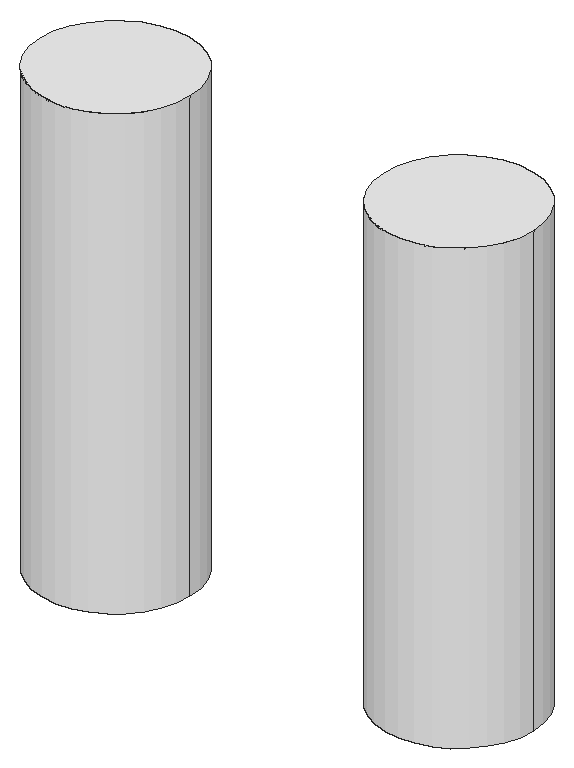
Revit family "45222185(2022)", category Plumbing Fixtures, Revit 2020
Family settings
  Round Connector Dimension = Use Diameter
  Part Type = Normal
  OmniClass Number = 23.45.55.00
  OmniClass Title = Sanitary Faucets, Wastes
  Work Plane-Based = No
  Always vertical = Yes
  Cut with Voids When Loaded = No
  Shared = No
  Room Calculation Point = No
Parameters (values of type "45222185 Washbasin faucet ")
  Working Pressure = "50 - 1000 kPa"
  WarrantyStartDate [instance] = "n/a"
  WarrantyGuarantorParts = "n/a"
  WarrantyGuarantorLabor = "n/a"
  WarrantyDurationUnit = "Year"
  WarrantyDurationParts = "n/a"
  WarrantyDurationLabor = "n/a"
  WarrantyDescription = "http://warranty.hansa.com"
  Warranty Information URL = "http://warranty.hansa.com"
  VersionDate = "01/06/2023"
  Version = "1"
  ValvePattern = "n/a"
  ValveOperation = "n/a"
  ValveMechanism = "n/a"
  Uniclass2015Reference = "Pr_40_20_87_96"
  Uniclass2015Description = "Washbasin manual water supply sets"
  Uniclass2 = "Pr_40_30_96_96"
  URL UWL = "http://static.hansa.com/UWL/45222185"
  URL REACH = "http://static.hansa.com/doc/reach"
  URL Materials Declaration = "http://www.hansa.com/fileadmin/resources/182126_45222185_materialsdeclaration.pdf"
  URL Environmental Product Declaration EPD = "http://www.hansa.com/fileadmin/resources/184523_EPD_Washbasin faucet.pdf"
  URL EcoLabel Declaration = "http://static.hansa.com/doc/EcoLabel"
  URL EU Packaging Declaration = "http://static.hansa.com/doc/packaging"
  URL Declaration of SCIP = "http://static.hansa.com/doc/SCIP"
  URL Declaration of Conformity = "http://static.hansa.com/DoC/45222185"
  URL Declaration of Asbestos = "http://static.hansa.com/doc/asbestos"
  URL Declaration Of Performance (DOP) = "http://static.hansa.com/doc/DoP"
  URL DVGW = "http://static.hansa.com/DVGW/45222185"
  URL ABP = "http://static.hansa.com/ABP/45222185"
  URL = ""
  UNSPSC Class Number = "30181700 Faucets or taps"
  TestPressure = "n/a"
  Temperature Adjustments = "Limitation option for maximum temperature and flow-rate ;Adjustable hot water stop (included, retrofittable)"
  Temperature = "Temperature limiter"
  Technical DataSheet URL = "http://www.hansa.com/datasheet/45222185/en"
  TagNumber [instance] = "n/a"
  SustainabilityPerformance = "n/a"
  Surface treatment = "Chrome"
  Spout Type = "Fixed spout"
  Spout Projection = "150 mm"
  Spare-Part Information URL = "http://static.hansa.com/sp/45222185"
  Size = "210 x 50 x 170 mm"
  Shape = "Sculptured"
  SerialNumber [instance] = "n/a"
  Sales Package dimensions (LxWxH) = "606 x 224 x 88"
  Revision = "n/a"
  ReplacementCost = "n/a"
  ProductInformation = "n/a"
  Product URL = "http://static.hansa.com/45222185"
  Product Image URL = "http://static.hansa.com/image/45222185"
  Product Family = "HANSACLINICA "
  Product Code = "45222185"
  Pressure Loss With Flow 01ls = 70000.0 Pa
  OperatingMechanismMaterial = "n/a"
  NominalWidth = 50 mm
  NominalHeight = 171.4 mm
  NominalDepth = 208.5 mm
  Noise Class = "I (ISO 3822)"
  Name_en = "45222185 Washbasin faucet"
  Name = "45222185 Washbasin faucet"
  NBSReference = "45-35-70/371"
  NBSDescription = "Water supply fittings for wash basins and troughs"
  Mounting Holes = "1 hole"
  ModelReference = "45222185"
  ModelNumber = "n/a"
  Model = "45222185 Washbasin faucet"
  Mobile Product Information URL = "http://mpi.hansa.com/45222185"
  Mechanical Parts = "ø 40 mm ceramic cartridge for flow and temperature control"
  Max. Hot Water Supply = 80 °C
  Material = "Brass"
  Market = "International;Germany;Austria;Belgium;Netherlands;France;Czech Republic;Slovakia;Italy;Spain"
  ManufacturerURL = "http://www.hansa.com"
  ManufacturerName = "HANSA"
  Manufacturer = "HANSA"
  Long Marketing = "HANSACLINICA washbasin faucet. Firm longer loop-lever (180 mm) offers good usability to all users and situations. Fixed longer spout (150 mm) with nickel-free water channels and laminar water flow. In-built limitation options for water temperature and maximum flow-rate. Connection pipes Cu ø10 mm. With push pop-up waste without draw-rod."
  Lever Handle = "Single operating lever/handle;Loop shape;Long shape;Hot/Cold symbols"
  Keynote = ""
  Interactive AR View URL = "https://static.hansa.com/AR/45222185"
  InstallationDate [instance] = "n/a"
  Installation and Maintenance Guide URL = "http://static.hansa.com/manual/45222185"
  Installation Type = "Deck mounted"
  InletConnectionSize = 10 mm
  IfcExportType = "FAUCET"  # constant formula
  IfcExportAs = "IfcValveType"  # constant formula
  Group = "Washbasin faucet"
  Grade = "n/a"
  FlowCoefficient = 0
  Flow Rate At 300kPa = 0.2 L/s
  Flow Drawing URL = "http://static.hansa.com/flowchart/45222185"
  Finish = "Polished"
  Features = "Single-lever"
  FaucetMainMaterial = Brass
  FDV Document URL = "http://www.hansa.com/datasheet/45222185/en/fdv"
  Extensions = "Push pop-up waste without draw-rod"
  ExpectedLife = "n/a"
  ETIM Class Number = "EC011328 Washbasin mixing tap"
  EN Standard = "EN 817"
  EAN Number = "4057304018893"
  DurationUnit = "Year"
  Dimension Drawing URL = "http://static.hansa.com/dimdrw/45222185"
  Description = ""
  DefaultElevation [instance] = 900 mm
  Default Elevation = 0 mm
  Constituents = "n/a"
  Connection Size = "Ø10mm"
  Connection = "Copper inlet pipes"
  Color = "Chrome"
  CodePerformance = "n/a"
  CloseOffRating = 0
  Category = "Washbasin"
  Catalog Drawing URL = "http://static.hansa.com/catdrw/45222185"
  CO2 Emissions (D) = -8.55
  CO2 Emissions (C4) = 0.09
  CO2 Emissions (C3) = 0.02
  CO2 Emissions (C2) = 0.02
  CO2 Emissions (B7) = 3856.32
  CO2 Emissions (A4) = 0.33
  CO2 Emissions (A1-A3) = 12.03
  Brand = "HANSA"
  BodyMaterial = "Brass"
  Barcode [instance] = "n/a"
  Backflow Prevention EN1717 = "AA"
  BIMObjectName = "45222185(2022)"
  Author = "BIMStone"
  AssetType = "Fixed"
  AssetIdentifier [instance] = "n/a"
  Approval DVGW = "DW-6506DL0556"
  Approval ABP = "P-IX 29684/IA"
  Aerator = "Laminar stream"
  Advanced Features = "Inner body made of DZR brass;Waterways without nickel coating;3S-installation system for safe and simple mounting"
  AccessibilityPerformance = "n/a"
  3D View = "https://static.hansa.com/AR/45222185"
  2D/3D/BIM Files URL = "http://static.hansa.com/bim/45222185"
Reference planes
  plane 1 "Center (Front/Back)": y = 0
  plane 2: z = 0
  plane 3 "Center (Left/Right)": x = 0
  plane 4: x = -25
  plane 5: z = 900
  plane 6: z = 870
  plane 7: y = -208.5
  plane 8: x = 25
  plane 9: z = 1071.4
Forms (mm)
  Extrusion 1, solid, material "Brass" <- "FaucetMainMaterial"
    sketch origin (0, -4.192, 0) x (1, 0, 0) y (0, 1, 0)
      loop
        circle (-11.5, -22.5) r 5
      loop
        circle (11.5, -22.5) r 5
    from 870 to 900
Dimensions and locks
  "DefaultElevation": plane 5 to level
  locked: plane 5 to plane 6 at 30
  "NominalDepth": plane 7 to plane 1 "Center (Front/Back)"
  equal spacing: plane 4, plane 3 "Center (Left/Right)", plane 8
  "NominalHeight": plane 9 to plane 5
  "NominalWidth": plane 4 to plane 8
  "InletConnectionSize": diameter of Extrusion 1 sketch curve  (x2)
  aligned and locked: level to plane 2
  aligned and locked: plane 5 to Extrusion 1
  aligned and locked: Extrusion 1 to plane 6
  aligned and locked: nested 2 to plane 5
Automatic sketch dimensions
  Extrusion 1 sketch curve to plane 3 "Center (Left/Right)" = 11.5 mm
  plane 3 "Center (Left/Right)" to Extrusion 1 sketch curve = 11.5 mm
  plane 1 "Center (Front/Back)" to Extrusion 1 sketch curve = 26.692 mm  (x2)
Nested families
  nested 1: "Symbol" at (0, 0, 0), type "Symbol", detail levels coarse
  nested 2: "5611B_p" at (0, 0, 900), Material <- "FaucetMainMaterial", type "5611B_p"
    with Material Brass
Connectors
  piping at (-11.5, -26.692, 870), diameter 10, driven by "InletConnectionSize"
    settings: on Extrusion 1, index 1, connector inside diameter 609.6 mm, connector length 0 mm, flow factor 0, pipe flow 0.19 L/s, pressure drop 0.0 Pa, fitting loss kfactor 0, connector angle 0.00°, fixture units 0, engagement length 0 mm, angle of deflection 0.00°, flow configuration 1, flow direction 1, fitting loss method 0, system type 19, joint type 0, gender type 0, connector reference index -1, connector utility 0, adjustable connector no, is connector primary yes, connector description ""
  piping at (11.5, -26.692, 870), diameter 10, driven by "InletConnectionSize"
    settings: on Extrusion 1, index 2, connector inside diameter 609.6 mm, connector length 0 mm, flow factor 0, pipe flow 0.19 L/s, pressure drop 0.0 Pa, fitting loss kfactor 0, connector angle 0.00°, fixture units 0, engagement length 0 mm, angle of deflection 0.00°, flow configuration 1, flow direction 1, fitting loss method 0, system type 20, joint type 0, gender type 0, connector reference index -1, connector utility 0, adjustable connector no, is connector primary no, connector description ""
Definition of nested family "Symbol"
  Reference planes
    plane 1: y = 0
    plane 2: x = 0
  Lines and regions (mm)
    detail lines
      curve 1: line (0, 0, 0) -> (0, -1.8, 0)
      curve 2: line (-0.4, -1.1, 0) -> (0.4, -1.1, 0)
      curve 3: line (-0.4, -1.4, 0) -> (0.4, -1.4, 0)
      curve 4: line (0.863, 0, 0) -> (-0.863, 0, 0)
      curve 5: circle (-1.163, 0, 0) r 0.3 normal (0, 0, -1)
      curve 6: circle (1.163, 0, 0) r 0.3 normal (0, 0, 1)
Definition of nested family "5611B_p"
  Parameters (values of type "5611B_p")
    URL = ""
    Model = ""
    Material [instance] = none
    Manufacturer = ""
    Description = ""
    Default Elevation = 0 mm
  Reference planes
    plane 1 "Center (Front/Back)": y = 0
    plane 2: z = 0
    plane 3 "Center (Left/Right)": x = 0
    plane 4: x = -24.99
    plane 5: x = 24.987
    plane 6: z = 171.441
    plane 7: y = -208.547
  Forms (mm)
    Sweep 1, solid, material <- "Material", detail levels medium
      path origin (0, 0.008, -0.467) x (0, 0.999848, -0.017452) y (0, 0.017452, 0.999848)
        loop
          line (-23.874, -3.889) -> (-30.775, 127.795)
      profile origin (0, -26.23, 61.953) x (0, -0.999391, -0.034899) y (1, 0, 0)
        loop
          circle (0, 0) r 24
    Extrusion 2, void
      sketch origin (0, 0, 0) x (0, 1, 0) y (0, 0, 1)
        loop
          line (-52.612, 0) -> (-52.612, -8.17) -> (7.388, -8.17) -> (7.388, 0) -> (-52.612, 0)
      from -24.99 to 24.987
    Extrusion 3, void
      sketch origin (0, 0, 0) x (0, 1, 0) y (0, 0, 1)
        loop
          line (-55.138, 119.81) -> (-3.383, 119.81) -> (-3.383, 131.351) -> (-55.138, 131.351) -> (-55.138, 119.81)
      from -28.935 to 31.792
    Extrusion 4, solid, material <- "Material", detail levels medium
      sketch origin (0, 0, 0) x (0, 1, 0) y (0, 0, 1)
        loop
          line (-39.028, 119.839) -> (-151.945, 115.896) -> (-148.063, 101.407) -> (-123.703, 95.783) -> (-39.028, 95.783) -> (-39.028, 119.839)
      from -21.839 to 21.266
    Extrusion 5, solid, material <- "Material", detail levels medium
      sketch origin (0, -48.735, -45.949) x (1, 0, 0) y (0, 0.920505, -0.390731)
        loop
          circle (0, -137.133) r 12
      from 92.44 to 102.206
    Revolve 6, solid, material <- "Material", detail levels medium
      sketch origin (0, 0, 0) x (0, 1, 0) y (0, 0, 1)
        loop
          line (-6.543, 119.81) -> (-6.543, 125.12)
          arc (-6.543, 125.12) -> (-6.672, 125.984) -> (-7.046, 126.773) r 2.968
          arc (-7.046, 126.773) -> (-8.029, 128.121) -> (-9.116, 129.387) r 21.107
          line (-9.116, 129.387) -> (-4.234, 129.387) -> (-4.234, 159.038) -> (-27.134, 159.038) -> (-27.134, 119.81) -> (-6.543, 119.81)
        axis (-27.134, 159.038) -> (-27.134, 119.81)
      angle from 0 to 360
    Extrusion 7, solid, material <- "Material", detail levels medium
      sketch origin (0, 0, 0) x (0, 1, 0) y (0, 0, 1)
        loop
          line (-27.077, 159.038) -> (-170.328, 159.038)
          arc (-170.328, 159.038) -> (-187.789, 161.887) -> (-203.44, 170.138) r 54.936
          arc (-203.44, 170.138) -> (-208.033, 169.617) -> (-207.748, 165.003) r 3.356
          arc (-207.748, 165.003) -> (-190.433, 154.099) -> (-170.328, 150.288) r 54.936
          line (-170.328, 150.288) -> (-27.077, 150.288) -> (-27.077, 159.038)
      from -22.835 to 22.852
    Extrusion 8, void
      sketch origin (0, 0, 0) x (1, 0, 0) y (0, 1, 0)
        loop
          line (-18.2, -76.322) -> (-14.114, -193.323)
          arc (-14.114, -193.323) -> (-11.067, -200.167) -> (-4.12, -202.974) r 10
          line (-4.12, -202.974) -> (4.12, -202.974)
          arc (4.12, -202.974) -> (11.067, -200.167) -> (14.114, -193.323) r 10
          line (14.114, -193.323) -> (18.2, -76.322)
          arc (18.2, -76.322) -> (15.399, -69.026) -> (8.206, -65.973) r 10
          line (8.206, -65.973) -> (-8.206, -65.973)
          arc (-8.206, -65.973) -> (-15.399, -69.026) -> (-18.2, -76.322) r 10
      from 140.93 to 174.249
    Extrusion 9, solid, material <- "Material", detail levels coarse
      sketch origin (0, 0, 0) x (1, 0, 0) y (0, 1, 0)
        loop
          line (-24.99, 0) -> (-24.99, -208.547) -> (24.987, -208.547) -> (24.987, 0) -> (-24.99, 0)
      from 0 to 171.441
  Cuts and joins
    Extrusion 2, Extrusion 3 cuts Sweep 1
    Extrusion 8 cuts Extrusion 7
  Lines and regions (mm)
    symbolic lines, detail levels medium+fine
      curve 1: arc (-24.99, -24.091, 0) -> (-17.356, -7.004, 0) -> (0, 0, 0) r 25.007
      curve 2: arc (-23.562, -36.604, 0) -> (-24.747, -30.401, 0) -> (-24.99, -24.091, 0) r 42.068
      curve 3: line (-23.562, -36.604, 0) -> (-20.358, -180.725, 0)
      curve 4: arc (-20.358, -180.725, 0) -> (-20.043, -188.6, 0) -> (-19.449, -196.457, 0) r 222.194
      curve 5: arc (-19.449, -196.457, 0) -> (-17.217, -202.438, 0) -> (-12.277, -206.48, 0) r 12.232
      curve 6: arc (-12.277, -206.48, 0) -> (-9.27, -207.552, 0) -> (-6.133, -208.137, 0) r 20.193
      curve 7: arc (-6.133, -208.137, 0) -> (-3.07, -208.401, 0) -> (0, -208.547, 0) r 79.799
      curve 21: arc (24.99, -24.091, 0) -> (17.356, -7.004, 0) -> (0, 0, 0) r 25.007
      curve 22: arc (23.562, -36.604, 0) -> (24.747, -30.401, 0) -> (24.99, -24.091, 0) r 42.068
      curve 23: line (23.562, -36.604, 0) -> (20.358, -180.725, 0)
      curve 24: arc (20.358, -180.725, 0) -> (20.043, -188.6, 0) -> (19.449, -196.457, 0) r 222.194
      curve 25: arc (19.449, -196.457, 0) -> (17.217, -202.438, 0) -> (12.277, -206.48, 0) r 12.232
      curve 26: arc (12.277, -206.48, 0) -> (9.27, -207.552, 0) -> (6.133, -208.137, 0) r 20.193
      curve 27: arc (6.133, -208.137, 0) -> (3.07, -208.401, 0) -> (0, -208.547, 0) r 79.799
      curve 41: arc (-11.107, 0, 170.284) -> (-5.584, 0, 171.151) -> (0, 0, 171.441) r 53.887
      curve 42: arc (-16.567, 0, 167.783) -> (-13.977, 0, 169.337) -> (-11.107, 0, 170.284) r 13.643
      curve 43: arc (-19.019, 0, 164.902) -> (-17.948, 0, 166.474) -> (-16.567, 0, 167.783) r 8.894
      curve 44: arc (-19.472, 0, 163.401) -> (-19.32, 0, 164.174) -> (-19.019, 0, 164.902) r 3.999
      curve 45: line (-19.472, 0, 163.401) -> (-20.218, 0, 158.093)
      curve 46: line (-20.218, 0, 158.093) -> (-21.039, 0, 158.007)
      curve 47: arc (-21.039, 0, 158.007) -> (-21.689, 0, 157.915) -> (-22.331, 0, 157.775) r 9.035
      curve 48: arc (-22.331, 0, 157.775) -> (-23.28, 0, 157.123) -> (-23.579, 0, 156.011) r 1.668
      curve 49: arc (-23.579, 0, 156.011) -> (-23.535, 0, 154.677) -> (-23.639, 0, 153.347) r 11.929
      curve 50: arc (-23.639, 0, 153.347) -> (-23.683, 0, 152.874) -> (-23.685, 0, 152.398) r 5.489
      curve 51: arc (-23.685, 0, 152.398) -> (-23.672, 0, 149.331) -> (-23.874, 0, 146.271) r 43.963
      curve 52: line (-23.874, 0, 146.271) -> (-24.99, 0, 125.79)
      curve 53: arc (-24.99, 0, 125.79) -> (-24.903, 0, 124.896) -> (-24.552, 0, 124.069) r 2.97
      curve 54: arc (-24.552, 0, 124.069) -> (-24.078, 0, 123.608) -> (-23.444, 0, 123.424) r 1.359
      curve 55: line (-23.444, 0, 123.424) -> (-21.682, 0, 123.27)
      curve 56: line (-21.682, 0, 123.27) -> (-21.792, 0, 120.112)
      curve 57: line (-24.07, 0, 118.485) -> (-24.07, 0, 0)
      curve 58: line (-24.07, 0, 0) -> (0, 0, 0)
      curve 59: arc (-23.107, 0, 119.782) -> (-23.803, 0, 119.293) -> (-24.07, 0, 118.485) r 1.354
      curve 60: arc (-21.792, 0, 120.112) -> (-22.454, 0, 119.962) -> (-23.107, 0, 119.782) r 14.583
      curve 87: arc (11.107, 0, 170.284) -> (5.584, 0, 171.151) -> (0, 0, 171.441) r 53.887
      curve 88: arc (16.567, 0, 167.783) -> (13.977, 0, 169.337) -> (11.107, 0, 170.284) r 13.643
      curve 89: arc (19.019, 0, 164.902) -> (17.948, 0, 166.474) -> (16.567, 0, 167.783) r 8.894
      curve 90: arc (19.472, 0, 163.401) -> (19.32, 0, 164.174) -> (19.019, 0, 164.902) r 3.999
      curve 91: line (19.472, 0, 163.401) -> (20.218, 0, 158.093)
      curve 92: line (20.218, 0, 158.093) -> (21.039, 0, 158.007)
      curve 93: arc (21.039, 0, 158.007) -> (21.689, 0, 157.915) -> (22.331, 0, 157.775) r 9.035
      curve 94: arc (22.331, 0, 157.775) -> (23.28, 0, 157.123) -> (23.579, 0, 156.011) r 1.668
      curve 95: arc (23.579, 0, 156.011) -> (23.535, 0, 154.677) -> (23.639, 0, 153.347) r 11.929
      curve 96: arc (23.639, 0, 153.347) -> (23.683, 0, 152.874) -> (23.685, 0, 152.398) r 5.489
      curve 97: arc (23.685, 0, 152.398) -> (23.672, 0, 149.331) -> (23.874, 0, 146.271) r 43.963
      curve 98: line (23.874, 0, 146.271) -> (24.99, 0, 125.79)
      curve 99: arc (24.99, 0, 125.79) -> (24.903, 0, 124.896) -> (24.552, 0, 124.069) r 2.97
      curve 100: arc (24.552, 0, 124.069) -> (24.078, 0, 123.608) -> (23.444, 0, 123.424) r 1.359
      curve 101: line (23.444, 0, 123.424) -> (21.682, 0, 123.27)
      curve 102: line (21.682, 0, 123.27) -> (21.792, 0, 120.112)
      curve 103: line (24.07, 0, 118.485) -> (24.07, 0, 0)
      curve 104: line (24.07, 0, 0) -> (0, 0, 0)
      curve 105: arc (23.107, 0, 119.782) -> (23.803, 0, 119.293) -> (24.07, 0, 118.485) r 1.354
      curve 106: arc (21.792, 0, 120.112) -> (22.454, 0, 119.962) -> (23.107, 0, 119.782) r 14.583
      curve 133: line (0, -48.197, 0) -> (0, 0, 0)
      curve 134: line (0, 0, 0) -> (0, -4.165, 119.268)
      curve 135: arc (0, -4.165, 119.268) -> (0, -4.665, 120.366) -> (0, -5.795, 120.788) r 1.576
      curve 136: line (0, -5.795, 120.788) -> (0, -6.567, 120.77)
      curve 137: line (0, -6.567, 120.77) -> (0, -6.805, 125.309)
      curve 138: arc (0, -6.805, 125.309) -> (0, -6.932, 125.974) -> (0, -7.233, 126.581) r 2.491
      curve 139: arc (0, -7.233, 126.581) -> (0, -8.16, 127.96) -> (0, -9.071, 129.349) r 140.853
      curve 140: line (0, -9.071, 129.349) -> (0, -4.645, 129.504)
      curve 141: arc (0, -4.645, 129.504) -> (0, -4.202, 129.741) -> (0, -4.121, 130.236) r 0.568
      curve 142: line (0, -4.121, 130.236) -> (0, -5.035, 156.416)
      curve 143: arc (0, -5.035, 156.416) -> (0, -5.47, 157.459) -> (0, -6.485, 157.956) r 1.603
      curve 144: arc (0, -6.485, 157.956) -> (0, -10.53, 158.32) -> (0, -14.579, 158.644) r 421.932
      curve 145: arc (0, -14.579, 158.644) -> (0, -20.591, 158.975) -> (0, -26.611, 159.063) r 148.555
      curve 146: line (0, -26.611, 159.063) -> (0, -66.334, 159.063)
      curve 147: arc (0, -66.334, 159.063) -> (0, -67.001, 158.97) -> (0, -67.618, 158.7) r 2.454
      curve 148: line (0, -67.618, 158.7) -> (0, -68.659, 158.554)
      curve 149: arc (0, -68.659, 158.554) -> (0, -72.316, 158.184) -> (0, -75.992, 158.1) r 47.259
      curve 150: arc (0, -75.992, 158.1) -> (0, -83.211, 158.158) -> (0, -90.431, 158.099) r 450.057
      curve 151: arc (0, -90.431, 158.099) -> (0, -131.111, 157.851) -> (0, -171.788, 158.415) r 2036.864
      curve 152: arc (0, -171.788, 158.415) -> (0, -185.245, 160.591) -> (0, -197.618, 166.312) r 50.123
      curve 153: arc (0, -197.618, 166.312) -> (0, -200.764, 168.319) -> (0, -203.914, 170.318) r 1364.284
      curve 154: arc (0, -203.914, 170.318) -> (0, -204.938, 170.893) -> (0, -206.015, 171.359) r 11.288
      curve 155: arc (0, -206.015, 171.359) -> (0, -206.675, 171.436) -> (0, -207.295, 171.198) r 1.394
      curve 156: arc (0, -207.295, 171.198) -> (0, -207.737, 170.763) -> (0, -208.007, 170.204) r 1.817
      curve 157: arc (0, -208.007, 170.204) -> (0, -208.312, 169.007) -> (0, -208.547, 167.793) r 21.208
      curve 158: arc (0, -208.547, 167.793) -> (0, -208.577, 167.21) -> (0, -208.479, 166.634) r 2.654
      curve 159: arc (0, -208.479, 166.634) -> (0, -207.681, 165.039) -> (0, -206.361, 163.838) r 4.861
      curve 160: arc (0, -206.361, 163.838) -> (0, -203.269, 161.849) -> (0, -200.252, 159.748) r 100.656
      curve 161: arc (0, -200.252, 159.748) -> (0, -198.11, 158.364) -> (0, -195.833, 157.215) r 24.065
      curve 162: arc (0, -195.833, 157.215) -> (0, -191.332, 155.264) -> (0, -186.81, 153.361) r 458.386
      curve 163: arc (0, -186.81, 153.361) -> (0, -185.575, 152.933) -> (0, -184.298, 152.655) r 10.96
      curve 164: arc (0, -184.298, 152.655) -> (0, -177.454, 151.849) -> (0, -170.57, 151.552) r 92.915
      curve 165: arc (0, -170.57, 151.552) -> (0, -124.021, 151.105) -> (0, -77.478, 150.328) r 6543.806
      curve 166: arc (0, -77.478, 150.328) -> (0, -72.521, 150.07) -> (0, -67.59, 149.499) r 78.308
      curve 167: arc (0, -67.59, 149.499) -> (0, -67.312, 149.421) -> (0, -67.062, 149.276) r 1.146
      curve 168: arc (0, -67.062, 149.276) -> (0, -66.813, 149.154) -> (0, -66.536, 149.139) r 0.702
      curve 169: line (0, -66.536, 149.139) -> (0, -58.07, 148.991)
      curve 170: arc (0, -58.07, 148.991) -> (0, -54.26, 147.335) -> (0, -52.738, 143.469) r 5.428
      curve 171: arc (0, -52.738, 143.469) -> (0, -52.989, 133.464) -> (0, -53.395, 123.464) r 648.967
      curve 172: arc (0, -53.395, 123.464) -> (0, -53.192, 122.968) -> (0, -52.68, 122.809) r 0.63
      curve 173: line (0, -52.68, 122.809) -> (0, -50.099, 122.899)
      curve 174: line (0, -50.099, 122.899) -> (0, -50.099, 119.75)
      curve 175: line (0, -50.099, 119.75) -> (0, -128.284, 117.917)
      curve 177: arc (0, -128.284, 117.917) -> (0, -139.468, 117.267) -> (0, -150.581, 115.846) r 162.032
      curve 178: arc (0, -150.581, 115.846) -> (0, -151.765, 115.071) -> (0, -151.984, 113.672) r 1.743
      curve 179: arc (0, -151.984, 113.672) -> (0, -151.597, 111.968) -> (0, -151.346, 110.238) r 22.037
      curve 180: arc (0, -151.346, 110.238) -> (0, -150.24, 106.002) -> (0, -147.923, 102.288) r 14.538
      curve 181: line (0, -147.923, 102.288) -> (0, -149.6, 98.521)
      curve 182: line (0, -149.6, 98.521) -> (0, -148.745, 97.346)
      curve 183: line (0, -148.745, 97.346) -> (0, -147.079, 96.638)
      curve 184: line (0, -147.079, 96.638) -> (0, -128.922, 88.931)
      curve 185: line (0, -128.922, 88.931) -> (0, -127.489, 89.184)
      curve 186: line (0, -127.489, 89.184) -> (0, -124.348, 96.239)
      curve 187: line (0, -124.348, 96.239) -> (0, -78.549, 96.239)
      curve 188: arc (0, -78.549, 96.239) -> (0, -58.788, 88.053) -> (0, -50.603, 68.292) r 27.946
      curve 189: line (0, -50.603, 68.292) -> (0, -48.197, 0)
    symbolic lines, detail levels fine
      curve 8: arc (-22.233, -23.554, 0) -> (-14.479, -10.248, 0) -> (0, -5, 0) r 22.598
      curve 9: arc (-23.544, -35.239, 0) -> (-23.088, -29.374, 0) -> (-22.233, -23.554, 0) r 86.279
      curve 10: arc (-23.562, -36.604, 0) -> (-23.563, -35.921, 0) -> (-23.544, -35.239, 0) r 22.607
      curve 11: arc (-11.23, -150.379, 0) -> (-5.676, -151.622, 0) -> (0, -152.039, 0) r 38.807
      curve 12: arc (-15.744, -146.452, 0) -> (-13.908, -148.899, 0) -> (-11.23, -150.379, 0) r 7.299
      curve 13: line (-15.744, -146.452, 0) -> (-14.655, -177.664, 0)
      curve 14: arc (-14.655, -177.664, 0) -> (-14.232, -186.549, 0) -> (-13.586, -195.421, 0) r 352.861
      curve 15: arc (-13.586, -195.421, 0) -> (-12.43, -198.705, 0) -> (-9.828, -201.018, 0) r 6.955
      curve 16: arc (-9.828, -201.018, 0) -> (-7.293, -202.012, 0) -> (-4.612, -202.486, 0) r 13.695
      curve 17: arc (-4.612, -202.486, 0) -> (-2.308, -202.617, 0) -> (0, -202.663, 0) r 62.713
      curve 18: line (-15.744, -146.452, 0) -> (-17.315, -78.914, 0)
      curve 19: arc (-17.315, -78.914, 0) -> (-14.614, -71.937, 0) -> (-7.77, -68.914, 0) r 9.776
      curve 20: line (-7.77, -68.914, 0) -> (0, -68.914, 0)
      curve 28: arc (22.233, -23.554, 0) -> (14.479, -10.248, 0) -> (0, -5, 0) r 22.598
      curve 29: arc (23.544, -35.239, 0) -> (23.088, -29.374, 0) -> (22.233, -23.554, 0) r 86.279
      curve 30: arc (23.562, -36.604, 0) -> (23.563, -35.921, 0) -> (23.544, -35.239, 0) r 22.607
      curve 31: arc (11.23, -150.379, 0) -> (5.676, -151.622, 0) -> (0, -152.039, 0) r 38.807
      curve 32: arc (15.744, -146.452, 0) -> (13.908, -148.899, 0) -> (11.23, -150.379, 0) r 7.299
      curve 33: line (15.744, -146.452, 0) -> (14.655, -177.664, 0)
      curve 34: arc (14.655, -177.664, 0) -> (14.232, -186.549, 0) -> (13.586, -195.421, 0) r 352.861
      curve 35: arc (13.586, -195.421, 0) -> (12.43, -198.705, 0) -> (9.828, -201.018, 0) r 6.955
      curve 36: arc (9.828, -201.018, 0) -> (7.293, -202.012, 0) -> (4.612, -202.486, 0) r 13.695
      curve 37: arc (4.612, -202.486, 0) -> (2.308, -202.617, 0) -> (0, -202.663, 0) r 62.713
      curve 38: line (15.744, -146.452, 0) -> (17.315, -78.914, 0)
      curve 39: arc (17.315, -78.914, 0) -> (14.614, -71.937, 0) -> (7.77, -68.914, 0) r 9.776
      curve 40: line (7.77, -68.914, 0) -> (0, -68.914, 0)
      curve 61: line (-20.218, 0, 158.093) -> (-20.371, 0, 157.23)
      curve 62: arc (-20.371, 0, 157.23) -> (-20.627, 0, 156.769) -> (-21.113, 0, 156.563) r 0.809
      curve 63: arc (-21.113, 0, 156.563) -> (-22.367, 0, 156.382) -> (-23.579, 0, 156.011) r 8.278
      curve 64: arc (-8.154, 0, 163.365) -> (-4.094, 0, 163.923) -> (0, 0, 164.11) r 45.05
      curve 65: arc (-12.754, 0, 161.344) -> (-10.572, 0, 162.623) -> (-8.154, 0, 163.365) r 10.921
      curve 66: arc (-13.833, 0, 159.052) -> (-13.577, 0, 160.331) -> (-12.754, 0, 161.344) r 2.719
      curve 67: line (-13.833, 0, 159.052) -> (-14.46, 0, 154.593)
      curve 68: arc (-14.46, 0, 154.593) -> (-15.177, 0, 152.826) -> (-16.644, 0, 151.608) r 3.914
      curve 69: arc (-16.644, 0, 151.608) -> (-18.185, 0, 150.938) -> (-19.77, 0, 150.38) r 23.193
      curve 70: arc (-19.77, 0, 150.38) -> (-9.905, 0, 149.428) -> (0, 0, 149.11) r 154.417
      curve 71: arc (-23.551, 0, 154.267) -> (-22.338, 0, 151.665) -> (-19.77, 0, 150.38) r 4.362
      curve 72: arc (0, 0, 144.734) -> (-4.328, 0, 140.406) -> (0, 0, 136.078) r 4.328
      curve 73: arc (-13.912, 0, 158.49) -> (-6.962, 0, 158.919) -> (0, 0, 159.062) r 169.323
      curve 74: arc (-21.682, 0, 123.27) -> (-10.846, 0, 122.78) -> (0, 0, 122.616) r 359.882
      curve 75: arc (-21.792, 0, 120.112) -> (-10.897, 0, 120.319) -> (0, 0, 120.388) r 862.046
      curve 76: arc (-17.094, 0, 116.404) -> (-8.572, 0, 117.388) -> (0, 0, 117.716) r 112.001
      curve 77: arc (-18.649, 0, 114.281) -> (-18.311, 0, 115.665) -> (-17.094, 0, 116.404) r 1.861
      curve 78: arc (-11.785, 0, 99.207) -> (-16.256, 0, 106.271) -> (-18.649, 0, 114.281) r 30.603
      curve 79: line (-11.785, 0, 99.207) -> (-11.785, 0, 96.575)
      curve 80: arc (-11.785, 0, 96.575) -> (-11.59, 0, 95.768) -> (-11.047, 0, 95.141) r 1.762
      curve 81: line (-11.047, 0, 95.141) -> (-11.047, 0, 91.971)
      curve 82: line (-11.047, 0, 91.971) -> (-9.915, 0, 91.178)
      curve 83: arc (-9.915, 0, 91.178) -> (-7.615, 0, 89.94) -> (-5.09, 0, 89.271) r 11.166
      curve 84: arc (-5.09, 0, 89.271) -> (-2.551, 0, 88.968) -> (0, 0, 88.782) r 55.451
      curve 85: arc (-11.785, 0, 99.207) -> (-6.148, 0, 101.82) -> (0, 0, 102.716) r 21.543
      curve 86: arc (-11.047, 0, 93.908) -> (-5.843, 0, 96.737) -> (0, 0, 97.716) r 17.926
      curve 107: line (20.218, 0, 158.093) -> (20.371, 0, 157.23)
      curve 108: arc (20.371, 0, 157.23) -> (20.627, 0, 156.769) -> (21.113, 0, 156.563) r 0.809
      curve 109: arc (21.113, 0, 156.563) -> (22.367, 0, 156.382) -> (23.579, 0, 156.011) r 8.278
      curve 110: arc (8.154, 0, 163.365) -> (4.094, 0, 163.923) -> (0, 0, 164.11) r 45.05
      curve 111: arc (12.754, 0, 161.344) -> (10.572, 0, 162.623) -> (8.154, 0, 163.365) r 10.921
      curve 112: arc (13.833, 0, 159.052) -> (13.577, 0, 160.331) -> (12.754, 0, 161.344) r 2.719
      curve 113: line (13.833, 0, 159.052) -> (14.46, 0, 154.593)
      curve 114: arc (14.46, 0, 154.593) -> (15.177, 0, 152.826) -> (16.644, 0, 151.608) r 3.914
      curve 115: arc (16.644, 0, 151.608) -> (18.185, 0, 150.938) -> (19.77, 0, 150.38) r 23.193
      curve 116: arc (19.77, 0, 150.38) -> (9.905, 0, 149.428) -> (0, 0, 149.11) r 154.417
      curve 117: arc (23.551, 0, 154.267) -> (22.338, 0, 151.665) -> (19.77, 0, 150.38) r 4.362
      curve 118: arc (0, 0, 144.734) -> (4.328, 0, 140.406) -> (0, 0, 136.078) r 4.328
      curve 119: arc (13.912, 0, 158.49) -> (6.962, 0, 158.919) -> (0, 0, 159.062) r 169.323
      curve 120: arc (21.682, 0, 123.27) -> (10.846, 0, 122.78) -> (0, 0, 122.616) r 359.882
      curve 121: arc (21.792, 0, 120.112) -> (10.897, 0, 120.319) -> (0, 0, 120.388) r 862.046
      curve 122: arc (17.094, 0, 116.404) -> (8.572, 0, 117.388) -> (0, 0, 117.716) r 112.001
      curve 123: arc (18.649, 0, 114.281) -> (18.311, 0, 115.665) -> (17.094, 0, 116.404) r 1.861
      curve 124: arc (11.785, 0, 99.207) -> (16.256, 0, 106.271) -> (18.649, 0, 114.281) r 30.603
      curve 125: line (11.785, 0, 99.207) -> (11.785, 0, 96.575)
      curve 126: arc (11.785, 0, 96.575) -> (11.59, 0, 95.768) -> (11.047, 0, 95.141) r 1.762
      curve 127: line (11.047, 0, 95.141) -> (11.047, 0, 91.971)
      curve 128: line (11.047, 0, 91.971) -> (9.915, 0, 91.178)
      curve 129: arc (9.915, 0, 91.178) -> (7.615, 0, 89.94) -> (5.09, 0, 89.271) r 11.166
      curve 130: arc (5.09, 0, 89.271) -> (2.551, 0, 88.968) -> (0, 0, 88.782) r 55.451
      curve 131: arc (11.785, 0, 99.207) -> (6.148, 0, 101.82) -> (0, 0, 102.716) r 21.543
      curve 132: arc (11.047, 0, 93.908) -> (5.843, 0, 96.737) -> (0, 0, 97.716) r 17.926
      curve 176: line (0, -6.567, 120.77) -> (0, -50.099, 119.75)
      curve 190: line (0, -124.348, 96.239) -> (0, -130.056, 97.662)
      curve 191: arc (0, -130.056, 97.662) -> (0, -134.725, 98.654) -> (0, -139.451, 99.317) r 68.244
      curve 192: arc (0, -139.451, 99.317) -> (0, -143.86, 100.307) -> (0, -147.923, 102.288) r 19.456
      curve 193: line (0, -9.071, 129.349) -> (0, -18.254, 128.868)
      curve 194: arc (0, -18.254, 128.868) -> (0, -20.465, 128.525) -> (0, -22.561, 127.743) r 11.027
      curve 195: arc (0, -22.561, 127.743) -> (0, -29.498, 124.983) -> (0, -36.787, 123.366) r 46.597
      curve 196: arc (0, -36.787, 123.366) -> (0, -43.431, 122.79) -> (0, -50.099, 122.899) r 64.811
  Dimensions and locks
    aligned and locked: level to plane 2
